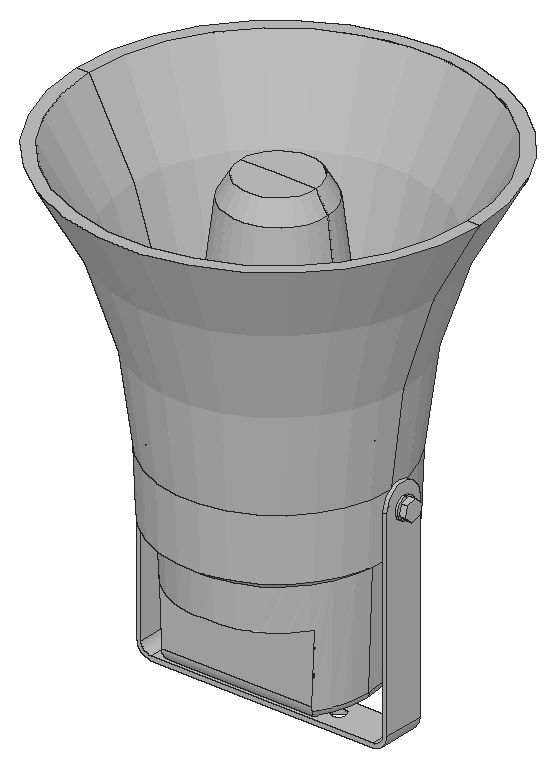
Revit family "Electronics_Commercial-Loudspeakers_Biamp_Compact-Compression-Driver-Horn_H20", category Communication Devices, host Face, Revit 2020
Family settings
  Host = Face
  Maintain Annotation Orientation = No
  Round Connector Dimension = Use Diameter
  Part Type = Normal
  OmniClass Number = 23.85.10.11.14.14.14
  Cut with Voids When Loaded = No
  Shared = No
  Room Calculation Point = No
Parameters (values of type "H20-G")
  Width = 200 mm  # constant formula
  Weight = 3.08647 lbf  # constant formula
  URL = "https://www.biamp.com/"
  Transformer = "70 V: 20 W, 10 W, 5 W, 2.5 W, 1.25 W; 100 V: 20 W, 10 W, 5 W, 2.5 W"  # constant formula
  Transducer = "MF: 1 x 1.4 (36 mm) voice coil compression driver"  # constant formula
  Sensitivity = "107 dB (2.83 V);107 dB (1 W, 8 Ω)"  # constant formula
  Rotate angle [instance] = 90.00°
  Required Accessories = "425 Hz, 6 dB / oct. Butterworth high pass flter; DSP preset"  # constant formula
  Recommended Amplifers = "20 W - 40 W, 8 Ω (13 V - 18 V)"  # constant formula
  Rated Maximum SPL (Processed) = "1m - Peak - 130dB; Continuous - 118dB"  # constant formula
  Rated Continuous Voltage = "12.6 V (22 dBV)"  # constant formula
  Protection = "Internal DC-blocking capacitor"  # constant formula
  Product data url = "https://bimobject.com/biamp/product/h20_commercial-loudspeakers-projectors-horn"
  Product Page URL = "https://www.biamp.com/products/product-families/commercial-loudspeakers/projectors-horns#h20"
  Product Documentation Link = "https://downloads.biamp.com/assets/docs/default-source/data-sheets/biamp_data_sheet_h20-g_mar23.pdf"
  Operating Range (-10 dB) = "490 Hz to 6.7 kHz"  # constant formula
  Operating Mode = "Passive with selectable low-impedance or 70 V/100 V operation, Single-amplifed with DSP"  # constant formula
  Operating Environment = "Indoor or Outdoor Direct Exposure"  # constant formula
  Nominal Maximum SPL (Processed) = "1m - Peak - 124dB; Continuous - 118dB"  # constant formula
  Nominal Continuous Power Handling = "13 V  (20 W, 8 Ω rated Impedance)"  # constant formula
  Nominal Beamwidth  (H x V) = "85° x 85°"  # constant formula
  Nom angle [instance] = if(or(Rotate angle < 0.00°, Rotate angle = 0.00°), 0.00°, if(and(Rotate angle > 0.00° - 10.00°, Rotate angle < 180.00°), Rotate angle, if(or(Rotate angle > 180.00°, Rotate angle = 180.00°), 180.00°, 0.00°)))  # 90.00°
  Mounting Provisions = "U-Bracket"  # constant formula
  Model = "H20-G"  # constant formula
  Manufacturer = "Biamp"  # constant formula
  Input Connection = "2 x 0.3 mm2 conductor 1 m (39.3) cable"  # constant formula
  Housing Material = Biamp - Plastic - Gray
  Height = 200 mm  # constant formula
  Finish = "Refer to the Technical Drawings (page 3)"  # constant formula
  Environmental Rating = "IP66 per IEC 60529"  # constant formula
  Description = "H20-G Compact Compression Driver Horn"  # constant formula
  Depth = 230 mm  # constant formula
  Default Elevation = 1219.2 mm
  Controls = "Wattage / low impedance selector switch"  # constant formula
  Connector Description = "Conductor; 13V 20W 8 Ω Rated Impedance, 70/100V operation"  # constant formula
  Compliance = "IEC 62368-1 certifed"  # constant formula
  Bracket Material = Biamp - Metal - Gray
Reference planes
  plane 1 "Center (Front/Back)": y = 0
  plane 2: z = 0
  plane 3 "Center (Left/Right)": x = 0
  plane 4: z = 105
Forms (mm)
  Sweep 1, solid, material "Biamp - Metal - Gray" <- "Bracket Material", detail levels coarse
    path origin (0, 0, 0) x (1, 0, 0) y (0, 1, 0)
      loop
        line (0, -10) -> (0, 10)
    profile origin (0, 0, 0) x (-1, 0, 0) y (0, 0, 1)
      loop
        line (62, 0) -> (62, 116) -> (60, 116) -> (60, 2) -> (-60, 2) -> (-60, 116) -> (-62, 116) -> (-62, 0) -> (62, 0)
  Sweep 2, solid, material "Biamp - Metal - Gray" <- "Bracket Material", detail levels medium+fine
    path origin (0, 0, 0) x (1, 0, 0) y (0, 1, 0)
      loop
        line (0, -10) -> (0, 10)
    profile origin (0, 0, 0) x (-1, 0, 0) y (0, 0, 1)
      loop
        arc (54.988, 0) -> (59.946, 2.054) -> (62, 7.012) r 7.012
        line (62, 7.012) -> (62, 116) -> (60, 116) -> (60, 7)
        arc (60, 7) -> (58.536, 3.464) -> (55, 2) r 5
        line (55, 2) -> (-55, 2)
        arc (-55, 2) -> (-58.536, 3.464) -> (-60, 7) r 5
        line (-60, 7) -> (-60, 116) -> (-62, 116) -> (-62, 7.012)
        arc (-62, 7.012) -> (-59.946, 2.054) -> (-54.988, 0) r 7.012
        line (-54.988, 0) -> (54.988, 0)
  Sweep 3, void
    path origin (0, 0, 0) x (1, 0, 0) y (0, 1, 0)
      loop
        line (-62, 0) -> (62, 0)
    profile origin (0, 0, 0) x (0, 1, 0) y (0, 0, 1)
      loop
        line (10, 118.284) -> (-10, 118.284) -> (-10, 106)
        arc (-10, 106) -> (0, 116) -> (10, 106) r 10
        line (10, 106) -> (10, 118.284)
  Extrusion 4, void
    sketch origin (0, 0, 0) x (0, 1, 0) y (0, 0, 1)
      loop
        circle (0, 105) r 3.5
    from -62 to 62
  Extrusion 5, void
    sketch origin (0, 0, 0) x (1, 0, 0) y (0, 1, 0)
      loop
        circle (0, 0) r 3.5
      loop
        circle (30, 0) r 3.5
      loop
        circle (-30, 0) r 3.5
    from 0 to 2
  Revolve 6, solid, material "Biamp - Metal - Gray" <- "Bracket Material"
    sketch origin (0, 0, 0) x (1, 0, 0) y (0, 0, 1)
      loop
        line (-62, 108.153) -> (-62, 110.424) -> (-63.555, 110.424) -> (-63.555, 105) -> (-54.81, 105) -> (-54.81, 108.153) -> (-62, 108.153)
      loop
        line (62, 108.153) -> (54.81, 108.153) -> (54.81, 105) -> (63.555, 105) -> (63.555, 110.424) -> (62, 110.424) -> (62, 108.153)
      axis (-63.555, 105) -> (63.555, 105)
    angle from 0 to 360
  Sweep 7, solid, material "Biamp - Metal - Gray" <- "Bracket Material", detail levels medium+fine
    path origin (-10.5, 0, 0) x (1, 0, 0) y (0, 0, 1)
      loop
        line (-53.055, 105) -> (-56.698, 105)
    profile origin (-65.377, 0, 105) x (0, 0, -1) y (0, -1, 0)
      loop
        line (-4.824, -1.293) -> (-1.293, -4.824) -> (3.531, -3.531) -> (4.824, 1.293) -> (1.293, 4.824) -> (-3.531, 3.531) -> (-4.824, -1.293)
  Sweep 8, solid, material "Biamp - Metal - Gray" <- "Bracket Material", detail levels medium+fine
    path origin (10.5, 0, 0) x (-1, 0, 0) y (0, 0, 1)
      loop
        line (-53.055, 105) -> (-56.698, 105)
    profile origin (65.377, 0, 105) x (0, 0, 1) y (0, -1, 0)
      loop
        line (4.824, -1.293) -> (3.531, 3.531) -> (-1.293, 4.824) -> (-4.824, 1.293) -> (-3.531, -3.531) -> (1.293, -4.824) -> (4.824, -1.293)
Cuts and joins
  Sweep 3, Extrusion 4, Extrusion 5 cuts Sweep 2
  Extrusion 4, Extrusion 5 cuts Sweep 1
Lines and regions (mm)
  Masking region 1
    outline origin (0, 0, 0) x (1, 0, 0) y (0, 1, 0)
      loop
        line (-51.5, 10) -> (-51.5, -10) -> (51.5, -10) -> (51.5, 10) -> (-51.5, 10)
  reference lines
    curve 1: line (0, 0, 105) -> (0, 0, 251.05)
Dimensions and locks
  "Nom angle": angle plane 4 to curve 1
  aligned and locked: plane 2 to host face
  aligned and locked: level to host face
  aligned and locked: plane 4 to curve 1
  aligned and locked: plane 1 "Center (Front/Back)" to curve 1
Automatic sketch dimensions
  host sketch curve to host sketch curve = 2438.4 mm  (x2)
  Sweep 1 sketch curve to plane 3 "Center (Left/Right)" = 0 mm
  plane 1 "Center (Front/Back)" to Sweep 1 sketch curve = 10 mm
  Sweep 1 sketch curve to plane 1 "Center (Front/Back)" = 10 mm
  Sweep 1 sketch curve to level = 0 mm
  profile plane to Sweep 1 sketch curve = 62 mm
  Sweep 1 sketch curve to Sweep 1 sketch curve = 2 mm  (x2)
  level to Sweep 1 sketch curve = 2 mm
  Sweep 1 sketch curve to profile plane = 60 mm
  Sweep 1 sketch curve to Sweep 1 sketch curve = 114 mm  (x2)
  Sweep 2 sketch curve to plane 3 "Center (Left/Right)" = 0 mm
  plane 1 "Center (Front/Back)" to Sweep 2 sketch curve = 10 mm
  Sweep 2 sketch curve to plane 1 "Center (Front/Back)" = 10 mm
  Sweep 2 sketch curve to level = 0 mm
  profile plane to Sweep 2 sketch curve = 62 mm
  Sweep 2 sketch curve to Sweep 2 sketch curve = 2 mm  (x2)
  level to Sweep 2 sketch curve = 2 mm
  Sweep 2 sketch curve to Sweep 2 sketch curve = 5 mm  (x2)
  Sweep 2 sketch curve to Sweep 2 sketch curve = 0.012 mm  (x2)
  Sweep 2 sketch curve to profile plane = 54.988 mm
  Sweep 2 sketch curve to Sweep 2 sketch curve = 109 mm  (x2)
  plane 1 "Center (Front/Back)" to Sweep 3 sketch curve = 0 mm
  Sweep 3 sketch curve to plane 3 "Center (Left/Right)" = 62 mm
  plane 3 "Center (Left/Right)" to Sweep 3 sketch curve = 62 mm
  Sweep 3 sketch curve to profile plane = 0 mm
  profile plane to Sweep 3 sketch curve = 10 mm
  Sweep 3 sketch curve to profile plane = 10 mm
  level to Sweep 3 sketch curve = 106 mm
  Sweep 3 sketch curve to Sweep 3 sketch curve = 12.284 mm
  Sweep 3 sketch curve to Sweep 3 sketch curve = 0 mm
  Extrusion 4 sketch curve to plane 1 "Center (Front/Back)" = 0 mm
  plane 1 "Center (Front/Back)" to Extrusion 5 sketch curve = 0 mm  (x3)
  Extrusion 5 sketch curve to plane 3 "Center (Left/Right)" = 0 mm
  Extrusion 5 sketch curve to plane 3 "Center (Left/Right)" = 30 mm
  Extrusion 5 sketch curve to Extrusion 5 sketch curve = 30 mm
  Revolve 6 sketch curve to plane 3 "Center (Left/Right)" = 63.555 mm
  Revolve 6 sketch curve to Revolve 6 sketch curve = 1.555 mm  (x2)
  Revolve 6 sketch curve to Revolve 6 sketch curve = 7.19 mm  (x2)
  plane 3 "Center (Left/Right)" to Revolve 6 sketch curve = 54.81 mm
  Revolve 6 sketch curve to Revolve 6 sketch curve = 2.27 mm  (x2)
  Revolve 6 sketch curve to Revolve 6 sketch curve = 0.31 mm
  Revolve 6 sketch curve to plane 3 "Center (Left/Right)" = 24.5 mm
  Sweep 7 sketch curve to plane 3 "Center (Left/Right)" = 67.198 mm
  Sweep 7 sketch curve to Sweep 7 sketch curve = 3.643 mm
  Sweep 7 sketch curve to plane 1 "Center (Front/Back)" = 1.293 mm
  profile plane to Sweep 7 sketch curve = 4.824 mm
  profile plane to Sweep 7 sketch curve = 3.531 mm
  profile plane to Sweep 7 sketch curve = 1.293 mm
  Sweep 7 sketch curve to profile plane = 1.293 mm
  Sweep 7 sketch curve to profile plane = 3.531 mm
  plane 1 "Center (Front/Back)" to Sweep 7 sketch curve = 1.293 mm
  Sweep 7 sketch curve to profile plane = 4.824 mm
  Sweep 7 sketch curve to plane 1 "Center (Front/Back)" = 3.531 mm
  Sweep 7 sketch curve to plane 1 "Center (Front/Back)" = 4.824 mm
  plane 1 "Center (Front/Back)" to Sweep 7 sketch curve = 3.531 mm
  plane 1 "Center (Front/Back)" to Sweep 7 sketch curve = 4.824 mm
  Sweep 8 sketch curve to plane 3 "Center (Left/Right)" = 67.198 mm
  Sweep 8 sketch curve to Sweep 8 sketch curve = 3.643 mm
  plane 1 "Center (Front/Back)" to Sweep 8 sketch curve = 1.293 mm
  profile plane to Sweep 8 sketch curve = 4.824 mm
  profile plane to Sweep 8 sketch curve = 3.531 mm
  profile plane to Sweep 8 sketch curve = 1.293 mm
  Sweep 8 sketch curve to profile plane = 1.293 mm
  Sweep 8 sketch curve to profile plane = 3.531 mm
  Sweep 8 sketch curve to plane 1 "Center (Front/Back)" = 1.293 mm
  Sweep 8 sketch curve to profile plane = 4.824 mm
  Sweep 8 sketch curve to plane 1 "Center (Front/Back)" = 3.531 mm
  Sweep 8 sketch curve to plane 1 "Center (Front/Back)" = 4.824 mm
  plane 1 "Center (Front/Back)" to Sweep 8 sketch curve = 3.531 mm
  plane 1 "Center (Front/Back)" to Sweep 8 sketch curve = 4.824 mm
  plane 1 "Center (Front/Back)" to Masking region 1 sketch curve = 10 mm
  Masking region 1 sketch curve to plane 3 "Center (Left/Right)" = 51.5 mm
  plane 3 "Center (Left/Right)" to Masking region 1 sketch curve = 51.5 mm
  Masking region 1 sketch curve to plane 1 "Center (Front/Back)" = 10 mm
  Extrusion 4 sketch curve to plane 4 = 0 mm
  Revolve 6 sketch curve to plane 4 = 0 mm  (x3)
  plane 4 to Revolve 6 sketch curve = 3.153 mm  (x2)
  Sweep 7 sketch curve to plane 4 = 0 mm
  Sweep 8 sketch curve to plane 4 = 0 mm
  radius of Extrusion 4 sketch curve = 3.5 mm
  radius of Extrusion 5 sketch curve = 3.5 mm  (x3)
Nested families
  nested 1: "H20-G" at (0, 0, 243) x (1, 0, 0) z (0, 1, 0), Housing Material <- "Housing Material", type "H20-G"
    with Housing Material Biamp - Plastic - Gray
Connectors
  electrical at (0.356, 1.851, 14.205), driven by "Connector Description"
    settings: on nested 1, index 1, voltage 0 V, apparent load 0 VA, apparent load phase1 0 VA, apparent load phase2 0 VA, apparent load phase3 0 VA, power factor 1, load classification "Other", number of poles 1, system type 5, power factor state 1, is connector primary yes, connector utility no, sub classification motor no, connector description "Conductor; 13V 20W 8 Ω Rated Impedance, 70/100V operation"
Definition of nested family "H20-G"
  Parameters (values of type "H20-G")
    Housing Material [instance] = none
    Default Elevation = 1219.2 mm
  Reference planes
    plane 1 "Center (Front/Back)": y = 0
    plane 2: z = 0
    plane 3 "Center (Left/Right)": x = 0
  Forms (mm)
    Extrusion 1, void
      sketch origin (0, 0, 0) x (0, 1, 0) y (0, 0, 1)
        loop
          line (234.253, 28.033) -> (236.175, 56.317) -> (205.969, 56.317) -> (234.253, 28.033)
        loop
          line (224.755, -25.579) -> (189.721, -25.579) -> (189.721, -43.313)
          arc (189.721, -43.313) -> (187.579, -48.383) -> (182.45, -50.381) r 7.071
          line (182.45, -50.381) -> (233.471, -51.829) -> (231.818, -18.161)
          arc (231.818, -18.161) -> (229.876, -23.384) -> (224.755, -25.579) r 7.071
      from -79.109 to 91.401
    Extrusion 2, void
      sketch origin (0, 195.509, 0) x (0, 0, 1) y (-1, 0, 0)
        loop
          arc (12.968, -19.235) -> (16.626, -17.123) -> (18.071, -13.154) r 6.175
          line (18.071, -13.154) -> (18.071, 12.442)
          arc (18.071, 12.442) -> (16.626, 16.411) -> (12.968, 18.523) r 6.175
          line (12.968, 18.523) -> (10.104, 19.028) -> (-8.678, 19.028) -> (-9.429, 18.595)
          arc (-9.429, 18.595) -> (-11.259, 16.765) -> (-11.929, 14.265) r 5
          line (-11.929, 14.265) -> (-11.929, -14.976)
          arc (-11.929, -14.976) -> (-11.259, -17.476) -> (-9.429, -19.307) r 5
          line (-9.429, -19.307) -> (-8.678, -19.74) -> (10.104, -19.74) -> (12.968, -19.235)
      from -35.373 to -33.287
    Revolve 3, solid, material <- "Housing Material", detail levels coarse
      sketch origin (-285.677, -53.267, 0) x (1, 0, 0) y (0, 1, 0)
        loop
          line (285.677, 283.267) -> (244.366, 283.267)
          arc (244.366, 283.267) -> (241.771, 282.219) -> (240.633, 279.662) r 3.735
          line (240.633, 279.662) -> (238.63, 222.304) -> (230.439, 216.568) -> (229.348, 185.347)
          arc (229.348, 185.347) -> (216.968, 116.181) -> (185.677, 53.267) r 247.884
          line (185.677, 53.267) -> (285.677, 53.267) -> (285.677, 283.267)
        axis (285.677, 53.267) -> (285.677, 283.267)
      angle from 0 to 360
    Revolve 4, solid, material <- "Housing Material", detail levels medium+fine
      sketch origin (-285.677, -53.267, 0) x (1, 0, 0) y (0, 1, 0)
        loop
          line (285.677, 283.416) -> (244.371, 283.416)
          arc (244.371, 283.416) -> (241.777, 282.368) -> (240.638, 279.811) r 3.735
          line (240.638, 279.811) -> (238.63, 222.304) -> (230.439, 216.568) -> (229.348, 185.347)
          arc (229.348, 185.347) -> (216.968, 116.181) -> (185.677, 53.267) r 247.884
          line (185.677, 53.267) -> (191.722, 53.267)
          arc (191.722, 53.267) -> (222.249, 116.242) -> (234.345, 185.173) r 252.884
          arc (234.345, 185.173) -> (241.283, 191.642) -> (247.753, 184.705) r 6.708
          line (247.753, 184.705) -> (261.158, 75.525) -> (266.946, 65.5) -> (285.677, 65.5) -> (285.677, 283.416)
        axis (285.677, 53.267) -> (285.677, 283.416)
      angle from 0 to 360
  Cuts and joins
    Extrusion 1, Extrusion 2 cuts Revolve 4
    Extrusion 2 cuts Revolve 3
  Lines and regions (mm)
    Masking region 1
      outline origin (0, 0, 0) x (1, 0, 0) y (0, 1, 0)
        loop
          arc (-41.243, 230) -> (-44.869, 227.426) -> (-46.259, 223.201) r 7.116
          line (-46.259, 223.201) -> (-47.047, 169.037) -> (-55.238, 163.301)
          arc (-55.238, 163.301) -> (-65.644, 78.368) -> (-100, 0) r 294.84
          line (-100, 0) -> (0, 0) -> (100, 0)
          arc (100, 0) -> (65.644, 78.368) -> (55.238, 163.301) r 294.84
          line (55.238, 163.301) -> (47.047, 169.037) -> (46.259, 223.201)
          arc (46.259, 223.201) -> (44.869, 227.426) -> (41.243, 230) r 7.116
          line (41.243, 230) -> (0, 230) -> (-41.243, 230)
    Masking region 2
      outline origin (0, 0, 0) x (1, 0, 0) y (0, 0, 1)
        loop
          circle (0, 0) r 100
    Masking region 3
      outline origin (0, 0, 0) x (1, 0, 0) y (0, 0, 1)
        loop
          circle (0, 0) r 93.955
    Masking region 4
      outline origin (0, 0, 0) x (1, 0, 0) y (0, 0, 1)
        loop
          circle (0, 0) r 55.238
    Masking region 5
      outline origin (0, 0, 0) x (1, 0, 0) y (0, 0, 1)
        loop
          circle (0, 0) r 47.047
    Masking region 6
      outline origin (0, 0, 0) x (1, 0, 0) y (0, 0, 1)
        loop
          circle (0, 0) r 37.924
    Masking region 7
      outline origin (0, 0, 0) x (1, 0, 0) y (0, 0, 1)
        loop
          circle (0, 0) r 18.731
  Dimensions and locks
    aligned and locked: level to plane 2
